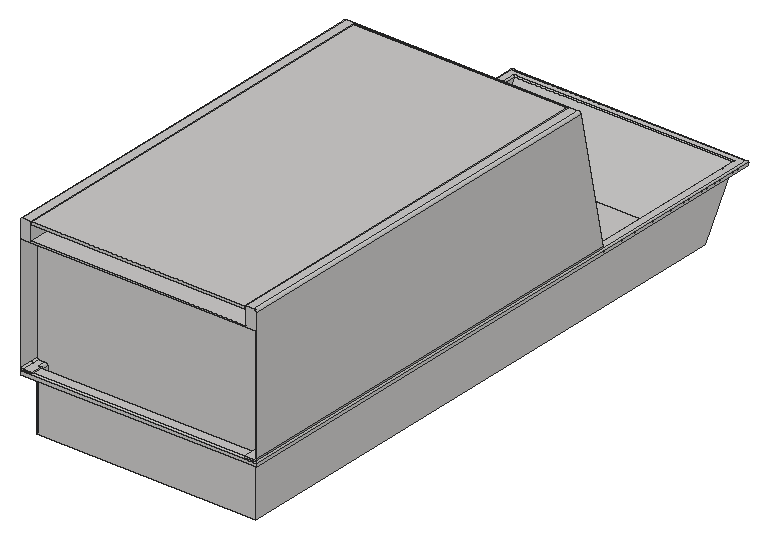
Revit family "PRD_FrankeWS_WstBns_EXOSWasteBin_EXOS605EX_605EB_605EW", category Specialty Equipment, host Face, Revit 2018
Family settings
  Host = Face
  Round Connector Dimension = Use Diameter
  Part Type = Normal
  OmniClass Number = 23.40.20.31.11
  OmniClass Title = Bins
  Cut with Voids When Loaded = No
  Shared = No
  Room Calculation Point = No
Parameters (values of type "EXOS605EX")
  WarrantyStartDate [instance] = "1900-12-31T23:59:59"
  WarrantyGuarantorParts = "n/a"
  WarrantyGuarantorLabor = "n/a"
  WarrantyDurationUnit = "year"
  WarrantyDurationParts = "n/a"
  WarrantyDurationLabor = "n/a"
  WarrantyDescription = "n/a"
  Version = "1"
  Uniclass2015Version = "Products v1.17"
  Uniclass2015Title = "Waste bins"
  Uniclass2015Code = "Pr_40_50_07_96"
  URL = "www.kwc.com"
  TypeOfMounting = "Recessed mounting"
  TypeOfFixing = "Screw"
  TagNumber [instance] = "n/a"
  SustainabilityPerformance = "n/a"
  SurfaceTreatment = "InoxPlus (anti fingerprint)"
  Style = "Waste bin"
  Size = "304 x 790 x 251 mm"
  Shape = "n/a"
  SerialNumber [instance] = "n/a"
  Revision = "n/a"
  ReplacementCost = "n/a"
  ProductInformation = "https://pim.kwc.com/product/2030034628/attachment/datasheet?locale=en"
  PanelMaterial = PRD_AR_StainlessSteel_SatinFinished
  NominalWidth = 304.00 mm
  NominalHeight = 790.00 mm
  NominalDepth = 251.00 mm
  NetWeight = 11.98 kg
  Name = "Waste Bin EXOS605EX"
  NBSTypeID = "n/a"
  NBSReference = "45-35-72/380"
  NBSOfficeMasterTag = "n/a"
  NBSNote = "n/a"
  NBSDescription = "Waste bins"
  NBSCertification = "n/a"
  ModelReference = "EXOS605EX"
  ModelNumber = "2030034628"
  Model = ModelReference  # "EXOS605EX"
  MaterialThickness = "1.20 mm"
  MaterialCode = "1.4301"
  Material = "stainless steel"
  ManufacturerURL = "www.kwc.com"
  ManufacturerName = "KWC Group AG"  # constant formula
  Manufacturer = ManufacturerName  # "KWC Group AG"
  MainColor = "stainless steel"
  Lock = "Key-lock"
  Lid = "No"
  IsBuiltIn = "TRUE"
  IntegralAccessories = "incl. mounting materials"
  InstallationDate [instance] = "1900-12-31T23:59:59"
  IfcExportType = "USERDEFINED"
  IfcExportAs = "IfcFurnitureType"
  GrossWeight = 12.98 kg
  Grade = "n/a"
  Finish = "satin finished"
  FillingVolume = "30.00 liter"
  Features = "stainless steel, surface satin finished"
  ExpectedLife = "n/a"
  DurationUnit = "year"
  DispenserMaterial = PRD_AR_StainlessSteel_SatinFinished
  Description = "Waste bin for recessed mounting, stainless steel with satin finish, front and casing with InoxPlus surface refinement for the reduction of finger marks and better cleaning characteristics (easy to clean), material thickness 1.2 mm, capacity approximate 30 litres, integrated bag holder, includes mounting materials."
  Default Elevation = 800.00 mm
  CreatedOn = "05/2020"  # constant formula
  Constituents = "n/a"
  Color = "n/a"
  CodePerformance = "n/a"
  Category = "Pr_40_50_07_96, Waste bins"
  BarCode [instance] = "n/a"
  BagHolder = "Integrated"
  BIMObjectName = "PRD_AR_WasteBins_EXOSWasteBin_EXOS605EX"
  Author = "Archispace"  # constant formula
  AssetType = "Fixed"
  AssetIdentifier [instance] = "n/a"
  AccessibilityPerformance = "n/a"
Types (3, lengths in mm): name | ProductInformation | PanelMaterial | NetWeight | Name | ModelReference | ModelNumber | Model | GrossWeight | Description | BIMObjectName
  EXOS605EX | "https://pim.kwc.com/product/2030034628/attachment/datasheet?locale=en" | PRD_AR_StainlessSteel_SatinFinished | 11.98 kg | "Waste Bin EXOS605EX" | "EXOS605EX" | "2030034628" | "EXOS605EX" | 12.98 kg | "Waste bin for recessed mounting, stainless steel with satin finish, front and casing with InoxPlus surface refinement for the reduction of finger marks and better cleaning characteristics (easy to clean), material thickness 1.2 mm, capacity approximate 30 litres, integrated bag holder, includes mounting materials." | "PRD_AR_WasteBins_EXOSWasteBin_EXOS605EX"
  EXOS605EB | "https://pim.kwc.com/product/2030034629/attachment/datasheet?locale=en" | PRD_AR_Glass_Black | 13.17 kg | "Waste Bin EXOS605EB" | "EXOS605EB" | "2030034629" | "EXOS605EB" | 14.17 kg | "Waste bin for recessed mounting, stainless steel with satin finish, black safety glass front panel, casing with InoxPlus surface refinement for the reduction of finger marks and better cleaning characteristics (easy to clean), material thickness 1.2 mm, capacity approximate 30 litres, integrated bag holder, includes mounting materials." | "PRD_AR_WasteBins_EXOSWasteBin_EXOS605EB"
  EXOS605EW | "https://pim.kwc.com/product/2030034664/attachment/datasheet?locale=en" | PRD_AR_Glass_White | 13.17 kg | "Waste Bin EXOS605EW" | "EXOS605EW" | "2030034664" | "EXOS605EW" | 14.17 kg | "Waste bin for recessed mounting, stainless steel with satin finish, white safety glass front panel, casing with InoxPlus surface refinement for the reduction of finger marks and better cleaning characteristics (easy to clean), material thickness 1.2 mm, capacity approximate 30 litres, integrated bag holder, includes mounting materials." | "PRD_AR_WasteBins_EXOSWasteBin_EXOS605EW"
Reference planes
  plane 1 "Center (Front/Back)": y = 0
  plane 2: z = 0
  plane 3 "Center (Left/Right)": x = 0
Forms (mm)
  Extrusion 1, void
    sketch origin (0, 0, 0) x (0, 1, 0) y (0, 0, 1)
      loop
        line (382.5, 0) -> (-382.5, 0) -> (-382.5, -70) -> (339.5, -70) -> (382.5, 0)
    from -141 to 141
Dimensions and locks
  aligned and locked: plane 2 to host face
  aligned and locked: level to host face
Nested families
  nested 1: "EXOS605E" at (0, 521, -70), type "EXOS605E"
Definition of nested family "EXOS605E"
  Parameters (values of type "EXOS605E")
    Material = none
    FrontMaterial = none
  Reference planes
    plane 1 "Center (Front/Back)": y = 0
    plane 2: z = 0
    plane 3 "Center (Left/Right)": x = 0
    plane 4: y = -903.5
    plane 5: y = -138.5
    plane 6: y = -181.5
  Forms (mm)
    Extrusion 1, solid, material <- "Material", detail levels fine
      sketch origin (0, 0, 0) x (1, 0, 0) y (0, 1, 0)
        loop
          line (152, -126) -> (-152, -126) -> (-152, -916) -> (152, -916) -> (152, -126)
        loop
          line (-140, -131) -> (-140, -902.3) -> (140, -902.3) -> (140, -131) -> (-140, -131)
      from 70 to 76
    Extrusion 2, solid, material <- "Material", detail levels fine
      sketch origin (0, 0, 0) x (0, 1, 0) y (0, 0, 1)
        loop
          line (-181.5, 0) -> (-138.5, 70) -> (-903.5, 70) -> (-903.5, 0) -> (-181.5, 0)
      from -141 to 141
    Extrusion 3, void
      sketch origin (0, 0, 0) x (0, 1, 0) y (0, 0, 1)
        loop
          line (-902.3, 1.2) -> (-182.171, 1.2) -> (-139.908, 70) -> (-902.3, 70) -> (-902.3, 1.2)
      from -140 to 140
    Sweep 4, void
      path in 3D
        loop
          line (-140, -902.3, 76) -> (-140, -131, 76)
      profile origin (-140, -516.65, 76) x (-1, 0, 0) y (0, 0, 1)
        loop
          line (0, 0) -> (0, -2)
          arc (0, -2) -> (0.586, -0.586) -> (2, 0) r 2
          line (2, 0) -> (0, 0)
    Sweep 5, void
      path in 3D
        loop
          line (140, -905, 76) -> (140, -131, 76)
      profile origin (140, -518, 76) x (-1, 0, 0) y (0, 0, 1)
        loop
          line (0, 0) -> (-2, 0)
          arc (-2, 0) -> (-0.586, -0.586) -> (0, -2) r 2
          line (0, -2) -> (0, 0)
    Extrusion 6, solid, material <- "Material", detail levels fine
      sketch origin (0, 0, 0) x (1, 0, 0) y (0, 0, 1)
        loop
          arc (-137.6, 73.702) -> (-138.625, 76.177) -> (-141.1, 77.202) r 3.5
          line (-141.1, 77.202) -> (-148.5, 77.202)
          arc (-148.5, 77.202) -> (-150.126, 77.876) -> (-150.8, 79.502) r 2.3
          line (-150.8, 79.502) -> (-150.8, 227.002) -> (-152, 227.002) -> (-152, 79.502)
          arc (-152, 79.502) -> (-150.975, 77.028) -> (-148.5, 76.002) r 3.5
          line (-148.5, 76.002) -> (-141.1, 76.002)
          arc (-141.1, 76.002) -> (-139.474, 75.329) -> (-138.8, 73.702) r 2.3
          line (-138.8, 73.702) -> (-138.8, 1.2) -> (-137.6, 1.2) -> (-137.6, 73.702)
        loop
          line (137.6, 73.702) -> (137.6, 1.2) -> (138.8, 1.2) -> (138.8, 73.702)
          arc (138.8, 73.702) -> (139.474, 75.329) -> (141.1, 76.002) r 2.3
          line (141.1, 76.002) -> (148.5, 76.002)
          arc (148.5, 76.002) -> (150.975, 77.028) -> (152, 79.502) r 3.5
          line (152, 79.502) -> (152, 227.002) -> (150.8, 227.002) -> (150.8, 79.502)
          arc (150.8, 79.502) -> (150.126, 77.876) -> (148.5, 77.202) r 2.3
          line (148.5, 77.202) -> (141.1, 77.202)
          arc (141.1, 77.202) -> (138.625, 76.177) -> (137.6, 73.702) r 3.5
      from 343.5 to 900
    Extrusion 7, solid, material <- "Material", detail levels fine
      sketch origin (0, 0, 0) x (1, 0, 0) y (0, 0, 1)
        loop
          line (-148.5, 76.002) -> (-137.1, 76.002) -> (-137.1, 77.202) -> (-148.5, 77.202)
          arc (-148.5, 77.202) -> (-150.126, 77.876) -> (-150.8, 79.502) r 2.3
          line (-150.8, 79.502) -> (-150.8, 227.002) -> (-152, 227.002) -> (-152, 79.502)
          arc (-152, 79.502) -> (-150.975, 77.028) -> (-148.5, 76.002) r 3.5
        loop
          arc (148.5, 76.002) -> (150.975, 77.028) -> (152, 79.502) r 3.5
          line (152, 79.502) -> (152, 227.002) -> (150.8, 227.002) -> (150.8, 79.502)
          arc (150.8, 79.502) -> (150.126, 77.876) -> (148.5, 77.202) r 2.3
          line (148.5, 77.202) -> (137.1, 77.202) -> (137.1, 76.002) -> (148.5, 76.002)
      from 900 to 916
    Extrusion 8, void
      sketch origin (0, 0, 0) x (0, 1, 0) y (0, 0, 1)
        loop
          line (-396, 251.002) -> (-343.5, 1.2) -> (-343.5, 251.002) -> (-396, 251.002)
      from -152 to 152
    Extrusion 9, solid, material <- "Material", detail levels fine
      sketch origin (0, 0, 0) x (0, 1, 0) y (0, 0, 1)
        loop
          line (-351.791, 25.2) -> (-358.638, 25.2) -> (-358.638, 30.005)
          arc (-358.638, 30.005) -> (-359.808, 33.218) -> (-362.77, 34.929) r 5
          line (-362.77, 34.929) -> (-367.424, 35.749)
          arc (-367.424, 35.749) -> (-369.057, 35.312) -> (-369.771, 33.78) r 2
          line (-369.771, 33.78) -> (-369.771, 25.2) -> (-902.3, 25.2) -> (-902.3, 1.2) -> (-348.428, 1.2)
          arc (-348.428, 1.2) -> (-345.322, 2.679) -> (-344.514, 6.023) r 4
          line (-344.514, 6.023) -> (-347.876, 22.023)
          arc (-347.876, 22.023) -> (-349.27, 24.306) -> (-351.791, 25.2) r 4
      from -137.6 to 137.2
    Extrusion 10, solid, material <- "Material", detail levels fine
      sketch origin (0, 0, 0) x (1, 0, 0) y (0, 0, 1)
        loop
          line (152, 227.002) -> (152, 247.502)
          arc (152, 247.502) -> (150.975, 249.977) -> (148.5, 251.002) r 3.5
          line (148.5, 251.002) -> (-148.5, 251.002)
          arc (-148.5, 251.002) -> (-150.975, 249.977) -> (-152, 247.502) r 3.5
          line (-152, 247.502) -> (-152, 227.002) -> (152, 227.002)
      from 358.638 to 916
    Extrusion 11, solid, material <- "Material", detail levels fine
      sketch origin (0, 0, 0) x (0, 1, 0) y (0, 0, 1)
        loop
          line (-396.214, 224.134) -> (-396.214, 227.002) -> (-407.22, 227.002) -> (-405.759, 218.717) -> (-400.778, 219.153)
          arc (-400.778, 219.153) -> (-397.528, 220.756) -> (-396.214, 224.134) r 5
      from -127 to 127
    Extrusion 12, void
      sketch origin (0, 0, 0) x (0, 1, 0) y (0, 0, 1)
        loop
          line (-395.884, 227.002) -> (-390.956, 227.002) -> (-391.97, 231.825)
          arc (-391.97, 231.825) -> (-392.778, 228.482) -> (-395.884, 227.002) r 4
      from -150.8 to 150.8
    Extrusion 13, solid, material <- "Material", detail levels fine
      sketch origin (0, 0, 0) x (1, 0, 0) y (0, 0, 1)
        loop
          line (137.6, 25.2) -> (137.6, 73.702)
          arc (137.6, 73.702) -> (138.625, 76.177) -> (141.1, 77.202) r 3.5
          line (141.1, 77.202) -> (148.5, 77.202)
          arc (148.5, 77.202) -> (150.126, 77.876) -> (150.8, 79.502) r 2.3
          line (150.8, 79.502) -> (150.8, 227.002) -> (-150.8, 227.002) -> (-150.8, 79.502)
          arc (-150.8, 79.502) -> (-150.126, 77.876) -> (-148.5, 77.202) r 2.3
          line (-148.5, 77.202) -> (-141.1, 77.202)
          arc (-141.1, 77.202) -> (-138.625, 76.177) -> (-137.6, 73.702) r 3.5
          line (-137.6, 73.702) -> (-137.6, 25.2) -> (137.6, 25.2)
      from 889.3 to 890.5
    Extrusion 14, void
      sketch origin (0, 0, 0) x (1, 0, 0) y (0, 0, 1)
        loop
          line (138, 228.202) -> (138, 251.002) -> (-138, 251.002) -> (-138, 228.202) -> (138, 228.202)
      from 397.2 to 916
    Extrusion 15, solid, material <- "FrontMaterial", detail levels medium+fine
      sketch origin (0, 0, 0) x (1, 0, 0) y (0, 1, 0)
        loop
          line (-137, -916) -> (137, -916) -> (137, -398.2) -> (-137, -398.2) -> (-137, -916)
      from 247 to 251.002
    Extrusion 16, solid, material <- "Material", detail levels medium
      sketch origin (0, 0, 0) x (1, 0, 0) y (0, 0, 1)
        loop
          line (-152, 76.002) -> (-150.8, 76.002) -> (-150.8, 227.002) -> (-152, 227.002) -> (-152, 76.002)
        loop
          line (152, 76.002) -> (152, 227.002) -> (150.8, 227.002) -> (150.8, 76.002) -> (152, 76.002)
      from 343.5 to 916
    Extrusion 17, solid, material <- "Material", detail levels medium
      sketch origin (0, 0, 0) x (1, 0, 0) y (0, 0, 1)
        loop
          line (152, 227.002) -> (152, 251.002) -> (-152, 251.002) -> (-152, 227.002) -> (152, 227.002)
      from 358.638 to 916
    Extrusion 18, solid, material <- "Material", detail levels medium
      sketch origin (0, 0, 0) x (0, 1, 0) y (0, 0, 1)
        loop
          line (-348.544, 25.2) -> (-902.3, 25.2) -> (-902.3, 1.2) -> (-343.5, 1.2) -> (-348.544, 25.2)
      from -137.6 to 137.2
    Extrusion 19, solid, material <- "Material", detail levels medium
      sketch origin (0, 0, 0) x (1, 0, 0) y (0, 0, 1)
        loop
          line (137.6, 25.2) -> (137.6, 77.202) -> (150.8, 77.202) -> (150.8, 227.002) -> (-150.8, 227.002) -> (-150.8, 77.202) -> (-137.6, 77.202) -> (-137.6, 25.2) -> (137.6, 25.2)
      from 889.3 to 890.5
    Extrusion 20, solid, material <- "Material", detail levels medium
      sketch origin (0, 0, 0) x (0, 1, 0) y (0, 0, 1)
        loop
          line (-181.5, 0) -> (-138.5, 70) -> (-903.5, 70) -> (-903.5, 0) -> (-181.5, 0)
      from -141 to 141
    Extrusion 21, solid, material <- "Material", detail levels coarse
      sketch origin (0, 0, 0) x (0, 1, 0) y (0, 0, 1)
        loop
          line (-138.5, 70) -> (-903.5, 70) -> (-903.5, 0) -> (-181.5, 0) -> (-138.5, 70)
      from -141 to 141
    Extrusion 22, solid, material <- "Material", detail levels coarse
      sketch origin (0, 0, 0) x (0, 1, 0) y (0, 0, 1)
        loop
          line (-359.22, 76) -> (-396, 251.002) -> (-916, 251.002) -> (-916, 76) -> (-359.22, 76)
      from -152 to 152
    Sweep 23, void
      path in 3D
        loop
          line (-152, -126, 76) -> (-152, -916, 76) -> (152, -916, 76) -> (152, -126, 76) -> (-152, -126, 76)
      profile origin (0, -126, 76) x (0, -1, 0) y (0, 0, 1)
        loop
          line (0, 0) -> (0, -2)
          arc (0, -2) -> (0.586, -0.586) -> (2, 0) r 2
          line (2, 0) -> (0, 0)
    Extrusion 24, solid, material <- "Material", detail levels fine
      sketch origin (0, 0, 0) x (0, 1, 0) y (0, 0, 1)
        loop
          line (-131, 70) -> (-131, 76) -> (-135.104, 76)
          arc (-135.104, 76) -> (-136.08, 75.746) -> (-136.808, 75.047) r 2
          line (-136.808, 75.047) -> (-139.908, 70) -> (-131, 70)
      from -144.594 to 146.522
    Extrusion 25, solid, material <- "Material", detail levels medium
      sketch origin (0, 0, 0) x (1, 0, 0) y (0, 1, 0)
        loop
          line (152, -126) -> (-152, -126) -> (-152, -916) -> (152, -916) -> (152, -126)
        loop
          line (-140, -131) -> (-140, -902.3) -> (140, -902.3) -> (140, -131) -> (-140, -131)
      from 70 to 76
    Extrusion 26, solid, material <- "Material", detail levels medium
      sketch origin (0, 0, 0) x (0, 1, 0) y (0, 0, 1)
        loop
          line (-131, 70) -> (-131, 76) -> (-136.223, 76) -> (-139.908, 70) -> (-131, 70)
      from -144.594 to 146.522
    Extrusion 27, solid, material <- "Material", detail levels coarse
      sketch origin (0, 0, 0) x (1, 0, 0) y (0, 1, 0)
        loop
          line (152, -126) -> (-152, -126) -> (-152, -916) -> (152, -916) -> (152, -126)
      from 70 to 76
  Cuts and joins
    Sweep 4, Sweep 5, Sweep 23 cuts Extrusion 1
    Extrusion 3 cuts Extrusion 2
    joined: Extrusion 1, Extrusion 2, Extrusion 24
    Extrusion 3 cuts Extrusion 20
    joined: Extrusion 20, Extrusion 25, Extrusion 26
    Extrusion 8 cuts Extrusion 6
    Extrusion 8 cuts Extrusion 7
    Extrusion 8, Extrusion 12, Extrusion 14 cuts Extrusion 10
    joined: Extrusion 6, Extrusion 7, Extrusion 10
    Extrusion 8, Extrusion 14 cuts Extrusion 17
    Extrusion 8 cuts Extrusion 16
    joined: Extrusion 21, Extrusion 22, Extrusion 27
  Lines and regions (mm)
    sketch lines
      curve 1: line (-140, -902.3, 76) -> (-140, -131, 76)
      curve 2: line (140, -905, 76) -> (140, -131, 76)
      curve 3: line (152, -126, 76) -> (-152, -126, 76)
      curve 4: line (-152, -126, 76) -> (-152, -916, 76)
      curve 5: line (152, -916, 76) -> (-152, -916, 76)
      curve 6: line (152, -916, 76) -> (152, -126, 76)
  Dimensions and locks
    plane 5 to plane 4 = 765.00 mm
    plane 6 to plane 4 = 722.00 mm
    aligned and locked: level to plane 2
